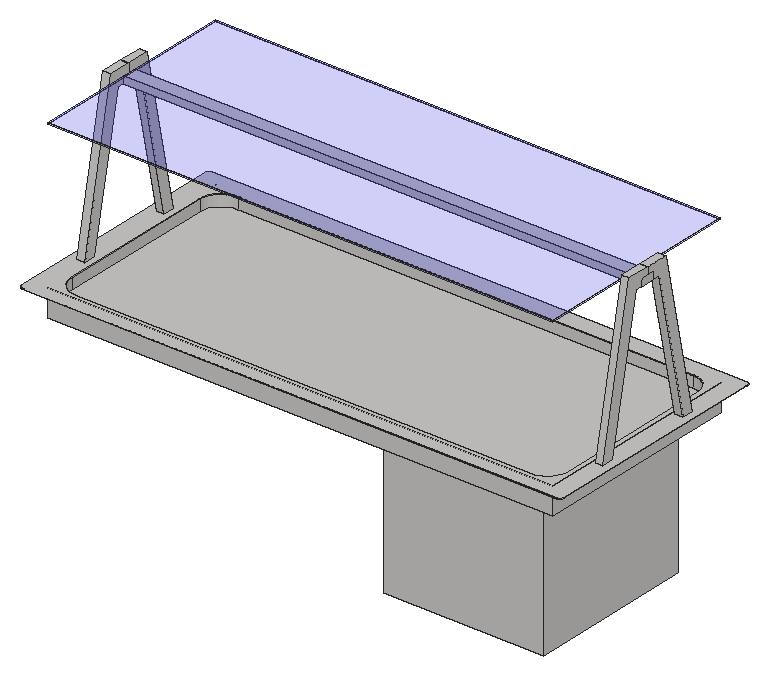
Revit family "QF_ELECTROLUXPROFESSIONAL_341170_D21C4O", category Attrezzature speciali, Revit 2020
Family settings
  Quota connettore circolare = Usa diametro
  Tipo di parte = Normale
  Basato su piano di lavoro = No
  Sempre verticale = Sì
  Taglio con vuoti quando caricato = No
  Condiviso = No
  Punto di calcolo locali = No
Parameters (values of type "Standard")
  Weight = 72.30 kg
  Watts = 0 W
  Volts = 220 V
  URL Manufacturer = "https://www.electroluxprofessional.com/"
  URL = "https://www.electroluxprofessional.com/"
  Steam Supply Size = 0 mm
  Steam Supply Minimum Pressure = 0.0 Pa
  Steam Supply Maximum Pressure = 0.0 Pa
  Steam Consumption per Hour = 0
  Refrigeration Suction Line Size = 0 mm
  Refrigeration Liquid Line Size = 0 mm
  Refrigerant Compressor Remote = yes
  Prospetto di default = 0 mm
  Produttore = "Electrolux Professional"
  Phase = 1
  Modello = "D21C4O"
  Length Actual = 1420 mm  # constant formula
  Item Number = "341170"
  Hot Water Size = 0 mm
  Height Actual = 784 mm  # constant formula
  HP = "0 HP"
  Gas Size = 0 mm
  Gas KW = 0
  Gas Input Pressure = 0 W
  Direct Waste Size = 0 mm
  Descrizione = "DROP-IN REFRIGERATED QUARTZ SURFACE, 4GN WITH A TYPE OVERSHELF AND LED LIGHT"
  Depth Actual = 620 mm  # constant formula
  Cycle = 50 Hz
  Condensate Return Size = 0 mm
  Compressed Air Volume = 0.0 L/s
  Compressed Air Size = 0 mm
  Compressed Air Pressure = 0.0 Pa
  Cold Water Size = 0 mm
  Accessory = yes
Reference planes
  plane 1 "BACK": y = 0
  plane 2: z = 5.426
  plane 3 "LEFT": x = 0
  plane 4: y = -620
  plane 5: x = 1420
  plane 6: z = 409.426
  plane 7: y = -310
  plane 8: x = 710
Forms (mm)
  Extrusion 1, solid, material "QF_Finishes_Stainless Steel"
    sketch origin (0, 0, 5.426) x (1, 0, 0) y (0, 1, 0)
      loop
        arc (10, 0) -> (2.929, -2.929) -> (0, -10) r 10
        line (0, -10) -> (0, -610)
        arc (0, -610) -> (2.929, -617.071) -> (10, -620) r 10
        line (10, -620) -> (1410, -620)
        arc (1410, -620) -> (1417.071, -617.071) -> (1420, -610) r 10
        line (1420, -610) -> (1420, -10)
        arc (1420, -10) -> (1417.071, -2.929) -> (1410, 0) r 10
        line (1410, 0) -> (10, 0)
    from 0 to 1
  Extrusion 2, solid, material "QF_Finishes_Stainless Steel"
    sketch origin (0, 0, 12.548) x (1, 0, 0) y (0, 1, 0)
      loop
        line (50, -35) -> (50, -585) -> (1370, -585) -> (1370, -35) -> (50, -35)
    from -77.122 to -7.122
  Extrusion 3, void
    sketch origin (0, 0, -2.817) x (1, 0, 0) y (0, 1, 0)
      loop
        arc (115, -45) -> (76.109, -61.109) -> (60, -100) r 55
        line (60, -100) -> (60, -520)
        arc (60, -520) -> (76.109, -558.891) -> (115, -575) r 55
        line (115, -575) -> (1305, -575)
        arc (1305, -575) -> (1343.891, -558.891) -> (1360, -520) r 55
        line (1360, -520) -> (1360, -100)
        arc (1360, -100) -> (1343.891, -61.109) -> (1305, -45) r 55
        line (1305, -45) -> (115, -45)
    from -21.077 to 9.244
  Extrusion 4, solid, material "QF_Finishes_Stainless Steel"
    sketch origin (21.5, -620, 0) x (0, -1, 0) y (0, 0, -1)
      loop
        line (-310, -409.426) -> (-250.873, -409.426) -> (-165, -5.426) -> (-195, -5.426) -> (-272.583, -370.426) -> (-310, -370.426) -> (-310, -409.426)
    from 0 to 20
  Extrusion 5, solid, material "QF_Finishes_Stainless Steel"
    sketch origin (21.5, 0, 0) x (0, 1, 0) y (0, 0, 1)
      loop
        line (-310, 409.426) -> (-310, 370.426) -> (-272.583, 370.426) -> (-195, 5.426) -> (-165, 5.426) -> (-250.873, 409.426) -> (-310, 409.426)
    from 0 to 20
  Extrusion 6, solid, material "QF_Finishes_Stainless Steel"
    sketch origin (1398.5, -620, 0) x (0, -1, 0) y (0, 0, 1)
      loop
        line (-310, 409.426) -> (-310, 370.426) -> (-272.583, 370.426) -> (-195, 5.426) -> (-165, 5.426) -> (-250.873, 409.426) -> (-310, 409.426)
    from 0 to 20
  Extrusion 7, solid, material "QF_Finishes_Stainless Steel"
    sketch origin (1398.5, 0, 0) x (0, 1, 0) y (0, 0, -1)
      loop
        line (-310, -409.426) -> (-250.873, -409.426) -> (-165, -5.426) -> (-195, -5.426) -> (-272.583, -370.426) -> (-310, -370.426) -> (-310, -409.426)
    from 0 to 20
  Extrusion 8, solid, material "QF_Finishes_Stainless Steel"
    sketch origin (0, 0, 0) x (0, 1, 0) y (0, 0, 1)
      loop
        line (-291.292, 370.426) -> (-291.292, 387.956) -> (-328.917, 387.956) -> (-328.917, 370.426) -> (-291.292, 370.426)
    from 21.5 to 1398.5
  Extrusion 9, solid, material "Vetro"
    sketch origin (0, 0, 5.426) x (1, 0, 0) y (0, 1, 0)
      loop
        line (50, -35) -> (50, -585) -> (1370, -585) -> (1370, -35) -> (50, -35)
    from 382.529 to 387.529
  Extrusion 10, solid, material "QF_Finishes_Stainless Steel"
    sketch origin (483.814, -169.308, -122.574) x (1, 0, 0) y (0, 1, 0)
      loop
        circle (-372.814, -140.692) r 12.7
    from 5 to 58
  Extrusion 11, solid, material "QF_Finishes_Stainless Steel"
    sketch origin (-18.186, 0, 12) x (1, 0, 0) y (0, 0, 1)
      loop
        line (1313.186, -76.574) -> (893.186, -76.574) -> (893.186, -459.574) -> (1313.186, -459.574) -> (1313.186, -76.574)
    from 79.471 to 519.252
Cuts and joins
  Extrusion 3 cuts Extrusion 1
  Extrusion 3 cuts Extrusion 2
Dimensions and locks
  equal spacing: Extrusion 1, Extrusion 2 sketch curve, Extrusion 2 sketch curve, Extrusion 1  (x2)
  Extrusion 1 to Extrusion 1 = 1420 mm
  Extrusion 1 to plane 1 "BACK" = 620 mm
  equal spacing: Extrusion 2, Extrusion 3 sketch curve, Extrusion 3 sketch curve, Extrusion 2  (x2)
  plane 6 to plane 2 = 404 mm
  equal spacing: plane 3 "LEFT", plane 8, plane 5
  Extrusion 5 to plane 8 to Extrusion 7 = 668.5 mm, 668.5 mm
  aligned and locked: level to plane 2
Automatic sketch dimensions
  Extrusion 1 sketch curve to plane 3 "LEFT" = 0 mm
  plane 4 to Extrusion 1 sketch curve = 0 mm
  plane 1 "BACK" to Extrusion 1 sketch curve = 0 mm
  Extrusion 1 sketch curve to plane 5 = 0 mm
  plane 3 "LEFT" to Extrusion 1 sketch curve = 10 mm  (x2)
  plane 5 to Extrusion 1 sketch curve = 10 mm  (x2)
  plane 3 "LEFT" to Extrusion 2 sketch curve = 50 mm
  plane 5 to Extrusion 2 sketch curve = 50 mm
  Extrusion 2 sketch curve to plane 4 = 35 mm
  plane 1 "BACK" to Extrusion 2 sketch curve = 35 mm
  plane 3 "LEFT" to Extrusion 3 sketch curve = 60 mm
  Extrusion 3 sketch curve to Extrusion 3 sketch curve = 55 mm  (x3)
  Extrusion 3 sketch curve to plane 4 = 45 mm
  plane 5 to Extrusion 3 sketch curve = 115 mm  (x2)
  plane 1 "BACK" to Extrusion 3 sketch curve = 100 mm
  Extrusion 4 sketch curve to plane 7 = 0 mm
  plane 6 to Extrusion 4 sketch curve = 0 mm
  Extrusion 4 sketch curve to level = 0 mm
  Extrusion 4 sketch curve to Extrusion 4 sketch curve = 37.417 mm
  Extrusion 4 sketch curve to Extrusion 4 sketch curve = 21.71 mm
  plane 7 to Extrusion 4 sketch curve = 115 mm
  Extrusion 4 sketch curve to Extrusion 4 sketch curve = 30 mm
  Extrusion 4 sketch curve to Extrusion 4 sketch curve = 39 mm
  Extrusion 5 sketch curve to plane 7 = 0 mm
  plane 6 to Extrusion 5 sketch curve = 0 mm
  Extrusion 5 sketch curve to level = 0 mm
  Extrusion 5 sketch curve to Extrusion 5 sketch curve = 37.417 mm
  Extrusion 5 sketch curve to Extrusion 5 sketch curve = 21.71 mm
  plane 7 to Extrusion 5 sketch curve = 115 mm
  Extrusion 5 sketch curve to Extrusion 5 sketch curve = 30 mm
  Extrusion 5 sketch curve to Extrusion 5 sketch curve = 39 mm
  Extrusion 6 sketch curve to plane 7 = 0 mm
  plane 6 to Extrusion 6 sketch curve = 0 mm
  Extrusion 6 sketch curve to level = 0 mm
  Extrusion 6 sketch curve to Extrusion 6 sketch curve = 37.417 mm
  Extrusion 6 sketch curve to Extrusion 6 sketch curve = 21.71 mm
  Extrusion 6 sketch curve to plane 7 = 115 mm
  Extrusion 6 sketch curve to Extrusion 6 sketch curve = 30 mm
  Extrusion 6 sketch curve to Extrusion 6 sketch curve = 39 mm
  Extrusion 7 sketch curve to plane 7 = 0 mm
  plane 6 to Extrusion 7 sketch curve = 0 mm
  Extrusion 7 sketch curve to level = 0 mm
  Extrusion 7 sketch curve to Extrusion 7 sketch curve = 37.417 mm
  Extrusion 7 sketch curve to Extrusion 7 sketch curve = 21.71 mm
  plane 7 to Extrusion 7 sketch curve = 115 mm
  Extrusion 7 sketch curve to Extrusion 7 sketch curve = 30 mm
  Extrusion 7 sketch curve to Extrusion 7 sketch curve = 39 mm
  Extrusion 8 sketch curve to plane 7 = 18.917 mm
  plane 7 to Extrusion 8 sketch curve = 18.708 mm
  plane 6 to Extrusion 8 sketch curve = 39 mm
  Extrusion 8 sketch curve to Extrusion 8 sketch curve = 17.529 mm
  plane 3 "LEFT" to Extrusion 9 sketch curve = 50 mm
  plane 5 to Extrusion 9 sketch curve = 50 mm
  Extrusion 9 sketch curve to plane 4 = 35 mm
  plane 1 "BACK" to Extrusion 9 sketch curve = 35 mm
  Extrusion 10 sketch curve to plane 4 = 310 mm
  Extrusion 10 sketch curve to plane 8 = 599 mm
  Extrusion 11 sketch curve to level = 70 mm
  plane 8 to Extrusion 11 sketch curve = 165 mm
  plane 5 to Extrusion 11 sketch curve = 125 mm
  Extrusion 11 sketch curve to Extrusion 11 sketch curve = 383 mm
  radius of Extrusion 10 sketch curve = 12.7 mm
Connectors
  piping at (111, -310, -117.574), diameter 25.4
    settings: on Extrusion 10, index 5, connector inside diameter 609.6 mm, connector length 0 mm, flow factor 0, pipe flow 0.0 L/s, pressure drop 0.0 Pa, fitting loss kfactor 0, connector angle 0.00°, fixture units 0, engagement length 0 mm, angle of deflection 0.00°, flow configuration 0, flow direction 0, fitting loss method 0, system type 29, joint type 0, gender type 0, connector reference index -1, connector utility 0, adjustable connector no, is connector primary yes, connector description "D"
